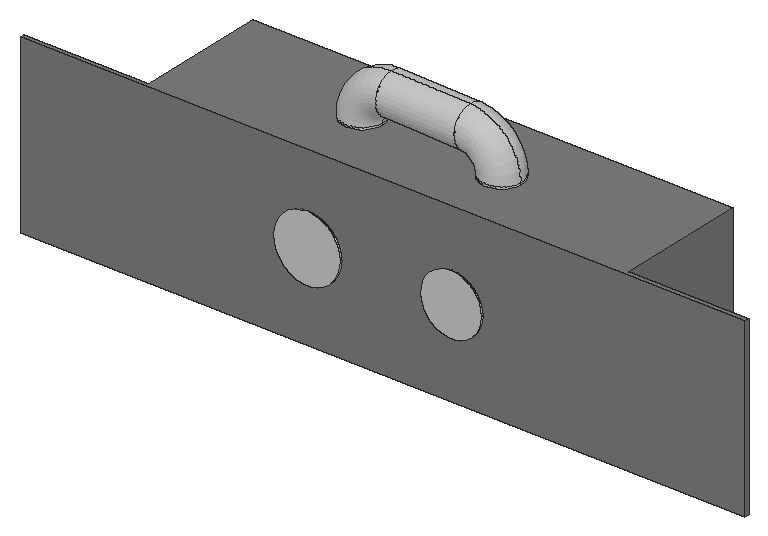
Revit family "2900", category Generic Models, Revit 2012
Parameters
  e-mail = "info@vola.com"
  URL = "http://vola.com"
  Telephone = "+45 7023 5500"
  Quality management standard = ""
  Organisation no. / DUNS no. = "17531328"
  Occupational health and safety management standard = ""
  Mounting Instructions = ""
  Model = ""
  Materials and components information = ""
  Manufacturer = "VOLA A/S"
  Maintenance Instructions = ""
  Guarantee = ""
  Flow = ""
  Environmental management standard = ""
  Connection - All relevant connections = ""
  Approvals = ""
Reference planes
  plane 1 "Center (Front/Back)": y = 1.5
  plane 2: z = 0
  plane 3 "Center (Left/Right)": x = 0
  plane 4 "Front Plane": y = -72
  plane 5 "Inlet Center Plane": y = -25.7
  plane 6: z = 58.5
Forms (mm)
  Extrusion 1, solid, material "Default"
    sketch origin (0, 0, -10.5) x (1, 0, 0) y (0, 1, 0)
      loop
        line (-127.5, 1.5) -> (-127.5, -69) -> (132.5, -69) -> (132.5, 1.5) -> (-127.5, 1.5)
    from 21.5 to 116.5
  Extrusion 2, solid, material "Default"
    sketch origin (0, -1, -10.5) x (1, 0, 0) y (0, 1, 0)
      loop
        line (-195, -68) -> (-195, -70.5) -> (197.5, -70.5) -> (197.5, -68) -> (-195, -68)
    from 21.5 to 116.5
  Extrusion 3, solid, material "Stainless Steel"
    sketch origin (-27, -0.7, 11) x (0, 1, 0) y (1, 0, 0)
      loop
        circle (-25, -12) r 16.65
    from 0 to 11
  Extrusion 4, solid, material "Stainless Steel"
    sketch origin (-1.5, 0, -10.5) x (1, 0, 0) y (0, 0, 1)
      loop
        circle (40.5, 69) r 16.5
    from 71.5 to 72
  Extrusion 5, solid, material "Stainless Steel"
    sketch origin (1071.5, -2.5, 0.5) x (-1, 0, 0) y (0, 0, -1)
      loop
        circle (1110.5, -58) r 18
    from 69 to 69.5
  Sweep 6, solid, material "Stainless Steel"
    path origin (-1.469, -36.366, 0) x (-0.999186, 0.040352, 0) y (0, 0, 1)
      loop
        line (37.562, 106) -> (37.562, 107)
        arc (37.562, 107) -> (32.583, 119.021) -> (20.562, 124) r 17
        line (20.562, 124) -> (-23.502, 124)
        arc (-23.502, 124) -> (-35.522, 119.021) -> (-40.502, 107) r 17
        line (-40.502, 107) -> (-40.502, 106)
    profile origin (-39, -34.85, 106.5) x (0.999186, -0.040352, 0) y (0.040352, 0.999186, 0)
      loop
        circle (0, 0) r 11
Cuts and joins
  joined: Extrusion 1, Extrusion 2
Lines and regions (mm)
  reference lines
    curve 1: line (-39, -25.7, 58.5) -> (-39, -111.7, 58.5)
    curve 2: line (39, -25.7, 58.5) -> (39, -111.7, 58.5)
    curve 3: line (39, -25.7, 58.5) -> (39, -25.7, -40.5)
    curve 4: line (-39, -25.7, 58.5) -> (-39, -25.7, -40.5)
Dimensions and locks
  cut or joined group of Extrusion 1, Extrusion 2 to plane 5 "Inlet Center Plane" = 45.80 mm
  aligned and locked: plane 2 to level
  aligned and locked: plane 6 to curve 3
  aligned and locked: Extrusion 1 to Extrusion 2
  aligned and locked: Extrusion 2 to Extrusion 1
